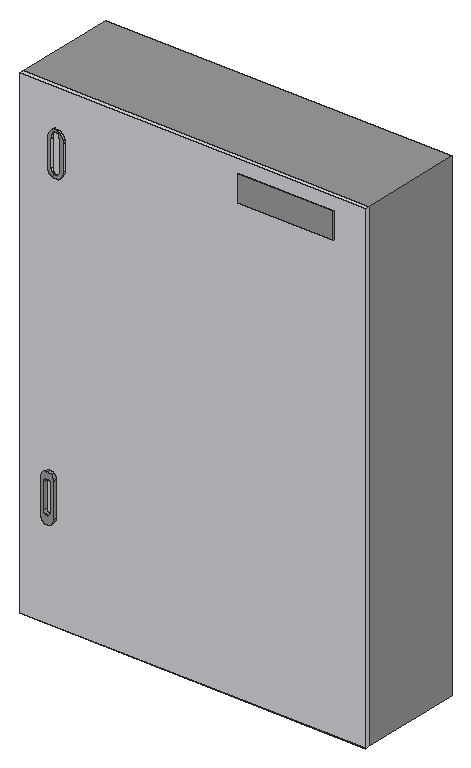
Revit family "PARAMETRIC FAMILY", category Electrical Equipment, host Face, Revit 2018
Family settings
  Host = Face
  Panel Configuration = Two Columns, Circuits Across
  Round Connector Dimension = Use Diameter
  Part Type = Panelboard
  OmniClass Number = 23.80.40.00
  OmniClass Title = Electric Power Protection Devices
  Cut with Voids When Loaded = No
  Shared = No
  Room Calculation Point = No
Parameters (values of type "UDB-ES-08-02")
  WIDTH = 125 mm
  MOVE = 42.816 mm
  LENGTH = 400 mm
  Keynote = "16300"
  HIGHT = 560 mm
  Default Elevation = 1219.2 mm
  Assembly Code = "D5010"
Types (5, lengths in mm): name | HIGHT
  UDB-ES-08-02 | 560
  UDB-ES-08-05 | 560
  UDB-ES-08A-04 | 610
  UDB-ES-08A-02 | 610
  UDB | 560
Reference planes
  plane 1 "Center (Front/Back)": y = 0
  plane 2: z = 0
  plane 3 "Center (Left/Right)": x = 0
  plane 4: x = 200
  plane 5: x = -200
  plane 6: y = -125
  plane 7: y = -120
  plane 8: x = -195
  plane 9: x = 195
  plane 10: z = 830
  plane 11: z = 720.323
  plane 12: z = 691.69
  plane 13: x = -165.004
Forms (mm)
  Extrusion 1, solid
    sketch origin (0, 0, -670) x (1, 0, 0) y (0, 1, 0)
      loop
        line (-200, 0) -> (-200, -125) -> (200, -125) -> (200, 0) -> (-200, 0)
    from 670 to 1230
  Extrusion 2, solid
    sketch origin (0, 0, -1230) x (1, 0, 0) y (0, 0, 1)
      loop
        arc (-173.007, 1342.856) -> (-165.507, 1335.356) -> (-158.007, 1342.856) r 7.5
        line (-158.007, 1342.856) -> (-158.007, 1382.856)
        arc (-158.007, 1382.856) -> (-165.507, 1390.356) -> (-173.007, 1382.856) r 7.5
        line (-173.007, 1382.856) -> (-173.007, 1342.856)
      loop
        line (-169.279, 1378.618) -> (-169.279, 1349.339)
        arc (-169.279, 1349.339) -> (-165.164, 1345.224) -> (-161.05, 1349.339) r 4.115
        line (-161.05, 1349.339) -> (-161.05, 1378.618)
        arc (-161.05, 1378.618) -> (-165.164, 1382.733) -> (-169.279, 1378.618) r 4.115
    from 125 to 128.634
  Extrusion 3, solid
    sketch origin (0, 0, -670) x (1, 0, 0) y (0, 0, 1)
      loop
        line (53.489, 1215.299) -> (53.489, 1185.299) -> (163.489, 1185.299) -> (163.489, 1215.299) -> (53.489, 1215.299)
    from 125 to 126.928
  Extrusion 4, solid
    sketch origin (0, 0, -670) x (1, 0, 0) y (0, 0, 1)
      loop
        line (-200, 1230) -> (-200, 670) -> (200, 670) -> (200, 1230) -> (-200, 1230)
    from 120 to 125
  Extrusion 5, solid
    sketch origin (225.639, -125, -670) x (-1, 0, 0) y (0, 0, -1)
      loop
        arc (377.864, -1176.721) -> (378.584, -1181.08) -> (380.667, -1184.976) r 13.56
        line (380.667, -1184.976) -> (385.03, -1184.976)
        arc (385.03, -1184.976) -> (387.137, -1180.927) -> (387.864, -1176.42) r 14.333
        line (387.864, -1176.42) -> (387.864, -1146.18)
        arc (387.864, -1146.18) -> (387.164, -1142.8) -> (385.18, -1139.976) r 8.511
        line (385.18, -1139.976) -> (380.817, -1139.976)
        arc (380.817, -1139.976) -> (378.642, -1142.662) -> (377.864, -1146.029) r 7.679
        line (377.864, -1146.029) -> (377.864, -1176.721)
      loop
        line (391.424, -1176.721) -> (391.424, -1143.436)
        arc (391.424, -1143.436) -> (389.563, -1138.943) -> (385.07, -1137.082) r 6.355
        line (385.07, -1137.082) -> (378.855, -1137.082)
        arc (378.855, -1137.082) -> (374.956, -1141.045) -> (373.531, -1146.42) r 10.852
        line (373.531, -1146.42) -> (373.531, -1176.42)
        arc (373.531, -1176.42) -> (375.291, -1182.714) -> (380.059, -1187.184) r 12.139
        line (380.059, -1187.184) -> (385.059, -1187.184)
        arc (385.059, -1187.184) -> (389.708, -1182.845) -> (391.424, -1176.721) r 11.782
    from 0 to 2
Dimensions and locks
  "LENGTH": plane 5 to plane 4
  equal spacing: plane 5, plane 3 "Center (Left/Right)", plane 4
  "MOVE": Extrusion 1 to Extrusion 5 sketch curve
  aligned and locked: plane 2 to host face
  aligned and locked: level to host face
  aligned and locked: Extrusion 1 to Extrusion 4  (x2)
  aligned and locked: plane 6 to Extrusion 5
  aligned and locked: plane 6 to Extrusion 3
  aligned and locked: Extrusion 3 to Extrusion 1
Automatic sketch dimensions
  host sketch curve to host sketch curve = 2438.4 mm  (x2)
  Extrusion 1 sketch curve to plane 5 = 0 mm
  Extrusion 1 sketch curve to plane 4 = 0 mm
  Extrusion 1 sketch curve to plane 6 = 0 mm
  plane 1 "Center (Front/Back)" to Extrusion 1 sketch curve = 0 mm
  Extrusion 2 sketch curve to plane 13 = 8.003 mm
  Extrusion 2 sketch curve to plane 13 = 4.275 mm
  Extrusion 2 sketch curve to plane 13 = 0.503 mm
  Extrusion 2 sketch curve to plane 13 = 0.161 mm
  level to Extrusion 2 sketch curve = 112.856 mm
  Extrusion 2 sketch curve to Extrusion 2 sketch curve = 6.483 mm
  Extrusion 2 sketch curve to Extrusion 2 sketch curve = 29.279 mm
  Extrusion 2 sketch curve to Extrusion 2 sketch curve = 4.238 mm
  plane 3 "Center (Left/Right)" to Extrusion 3 sketch curve = 53.489 mm
  Extrusion 3 sketch curve to plane 9 = 31.511 mm
  Extrusion 3 sketch curve to plane 12 = 176.391 mm
  Extrusion 3 sketch curve to Extrusion 3 sketch curve = 30 mm
  Extrusion 4 sketch curve to level = 0 mm
  plane 5 to Extrusion 4 sketch curve = 0 mm
  Extrusion 4 sketch curve to plane 4 = 0 mm
  Extrusion 4 sketch curve to plane 12 = 131.69 mm
  Extrusion 1 to Extrusion 5 sketch curve = 52.108 mm
  Extrusion 5 sketch curve to Extrusion 5 sketch curve = 0 mm  (x2)
  Extrusion 5 sketch curve to Extrusion 5 sketch curve = 4.333 mm
  Extrusion 5 sketch curve to Extrusion 5 sketch curve = 0.991 mm
  Extrusion 5 sketch curve to Extrusion 5 sketch curve = 1.489 mm
  Extrusion 5 sketch curve to Extrusion 5 sketch curve = 1.778 mm
  Extrusion 5 sketch curve to Extrusion 5 sketch curve = 0.417 mm
  Extrusion 5 sketch curve to Extrusion 5 sketch curve = 0.608 mm
  Extrusion 5 sketch curve to Extrusion 5 sketch curve = 1.962 mm
  Extrusion 5 sketch curve to Extrusion 5 sketch curve = 5.03 mm
  Extrusion 5 sketch curve to Extrusion 5 sketch curve = 4.363 mm
  Extrusion 5 sketch curve to Extrusion 5 sketch curve = 0.029 mm
  Extrusion 5 sketch curve to Extrusion 5 sketch curve = 4.252 mm
  Extrusion 5 sketch curve to Extrusion 5 sketch curve = 0.111 mm
  Extrusion 5 sketch curve to Extrusion 5 sketch curve = 1.16 mm
  Extrusion 5 sketch curve to Extrusion 5 sketch curve = 6.028 mm
  Extrusion 5 sketch curve to Extrusion 5 sketch curve = 2.194 mm
  Extrusion 5 sketch curve to Extrusion 5 sketch curve = 3.56 mm
  Extrusion 5 sketch curve to Extrusion 5 sketch curve = 2.208 mm
  Extrusion 5 sketch curve to Extrusion 5 sketch curve = 30 mm
  Extrusion 5 sketch curve to Extrusion 5 sketch curve = 0.24 mm
